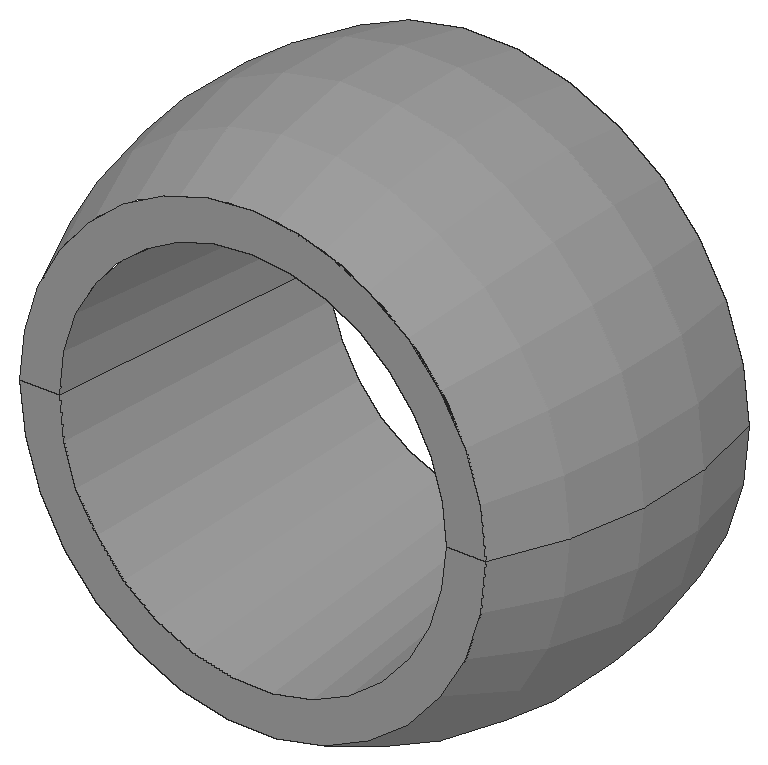
Revit family "VK106", category Sprinklers, Revit 2012
Parameters
  URL = "http://www.vikinggroupinc.com/databook/sprinklers/standard/sr/stcov/072198.pdf"
  Model = "VK106"
  Manufacturer = "Viking"
  K-Factor = 5.6
Reference planes (in)
  plane 1 "Center (Front/Back)": y = 0
  plane 2: z = 0
  plane 3 "Center (Left/Right)": x = 0
  plane 4 "Threads": y = -0.53069
Forms (in)
  Revolve 1, solid, material "Default"
    sketch origin (0, 0, 0) x (1, 0, 0) y (0, 1, 0)
      loop
        arc (-0.39947, -0.44535) -> (-0.42658, -0.67837) -> (-0.35954, -0.90317) r 0.5823
        line (-0.35954, -0.90317) -> (-0.29908, -0.90317) -> (-0.25096, -0.44535) -> (-0.39947, -0.44535)
      axis (0, -0.44535) -> (0, -0.90317)
    angle from 0 to 360
Dimensions and locks (in)
  aligned and locked: plane 2 to level
Connectors (in)
  piping at (0, -0.53069, 0)
    settings: index 1, connector radius 1", flow factor 0, pipe flow 0 GPM, pressure drop 0.00 psi, fitting loss kfactor 0, connector angle 0.00°, fixture units 0, engagement length 0' - 0", flow configuration 0, flow direction 0, fitting loss method 0, system type 7, joint type 0, gender type 0, connector reference index -1, connector utility 0, adjustable connector no, is connector primary yes, fitting loss table "", connector description ""
